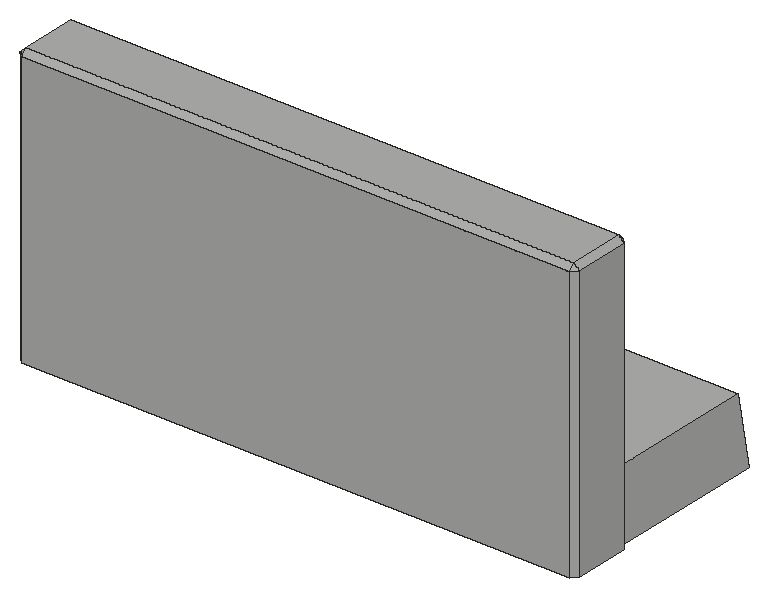
Revit family "NAGARE_STRAIGHT-100", category Site, Revit 2024
Family settings
  Round Connector Dimension = Use Diameter
  Part Type = Normal
  Work Plane-Based = Yes
  Always vertical = Yes
  Cut with Voids When Loaded = No
  Shared = Yes
Parameters (values of type "LP50/100")
  zichtbaar_voet_type2 = no
  zichtbaar_voet_type1 = yes
  zichtbaar_voet_extra = no
  voet_type2_hoogte = 600 mm
  voet_type2_base-breedte = 55 mm
  voet_type2_150 = no
  voet_hoogte = 120 mm
  oksel_maatvoering_hoogte = 20 mm
  oksel_maatvoering_breedte = 20 mm
  offset_voet = 20 mm
  offset_10 = 10 mm
  materiaal_model = NAGARE_FME_(9-).f2_BETON_SI_BERSnl
  voet_lengte = 400 mm
  model_hoogte = 500 mm
  beugelpositie_hoogte = 275 mm
  voet_diepte [instance] = 400 mm
  model_breedte = 1000 mm
  URL = "https://www.nagareconcrete.com/downloads"
  Type Comments = "LP50/100"
  Manufacturer = "www.nagareconcrete.com"
  Description = ""
  Default Elevation = 0 mm
Types (9, lengths in mm): name | zichtbaar_voet_type2 | zichtbaar_voet_type1 | voet_type2_hoogte | voet_type2_base-breedte | voet_type2_150 | voet_hoogte | oksel_maatvoering_hoogte | oksel_maatvoering_breedte | voet_lengte | model_hoogte | beugelpositie_hoogte | voet_diepte | Type Comments
  LP50/100 | no | yes | 600 | 55 | no | 120 | 20 | 20 | 400 | 500 | 275 | 400 | "LP50/100"
  LP100/100 | no | yes | 600 | 55 | no | 120 | 60 | 60 | 600 | 1000 | 500 | 400 | "LP100/100"
  LP125/100 | no | yes | 600 | 55 | no | 120 | 90 | 90 | 750 | 1250 | 625 | 400 | "LP125/100"
  LP150/100 | no | yes | 600 | 55 | no | 120 | 90 | 90 | 850 | 1500 | 750 | 400 | "LP150/100"
  LP175/100 | yes | no | 600 | 55 | no | 120 | 125 | 125 | 1100 | 1750 | 875 | 400 | "LP175/100"
  LP200/100 | no | yes | 600 | 55 | no | 120 | 125 | 125 | 1100 | 2000 | 1000 | 400 | "LP200/100"
  LP225/100 | yes | no | 600 | 30 | yes | 150 | 280 | 280 | 1350 | 2250 | 1125 | 600 | "LP225/100"
  LP250/100 | yes | no | 800 | 55 | yes | 150 | 310 | 280 | 1350 | 2500 | 1250 | 600 | "LP250/100"
  LP75/100 | no | yes | 600 | 55 | no | 120 | 20 | 20 | 500 | 750 | 375 | 400 | "LP75/100"
Reference planes
  plane 1 "Center (Front/Back)": y = 0
  plane 2: z = 0
  plane 3 "Center (Left/Right)": x = 0
  plane 4 "Top": z = 100
  plane 5 "foundation": z = -400
  plane 6 "Left": x = -500
  plane 7 "Right": x = 500
  plane 8 "left offset": x = -490
  plane 9 "right offset": x = 490
  plane 10 "lengte_voet": y = 400
  plane 11 "hoogte beugel": z = -125
  plane 12: y = 120
  plane 13 "voet150 extra onder": z = 0
  plane 14 "voet150 extra boven": z = 600
  plane 15 "voet_bovenkant": z = -280
  plane 16 "oksel_maatvoering_hoogte": z = -260
Forms (mm)
  Extrusion 1, solid, material "NAGARE_FME_(9-).f2_BETON_SI_BERSnl" <- "materiaal_model"
    sketch origin (0, 0, 0) x (0, -1, 0) y (1, 0, 0)
      loop
        line (0, -490) -> (0, 490) -> (-10, 500) -> (-110, 500) -> (-120, 490) -> (-120, -490) -> (-110, -500) -> (-10, -500) -> (0, -490)
    from -400 to 90
  Revolve 2, void
    sketch origin (0, 0, -125) x (-1, 0, 0) y (0, -1, 0)
      loop
        line (-40, -120) -> (-40, -130) -> (0, -130) -> (0, -110) -> (-12, -110) -> (-12, -102.013) -> (-8.041, -102.013) -> (-8.041, -86.013) -> (-12, -86.013) -> (-12, -81.842)
        arc (-12, -81.842) -> (-32.249, -96.336) -> (-40, -120) r 40
      axis (0, -130) -> (0, -81.842)
    angle from 0 to 360
  Blend 3, solid, material "NAGARE_FME_(9-).f2_BETON_SI_BERSnl" <- "materiaal_model"
    base sketch origin (0, 0, 100) x (1, 0, 0) y (0, 1, 0)
      loop
        line (-490, 0) -> (490, 0) -> (500, 10) -> (500, 110) -> (490, 120) -> (-490, 120) -> (-500, 110) -> (-500, 10) -> (-490, 0)
    top sketch origin (0, 0, 100) x (1, 0, 0) y (0, 1, 0)
      loop
        line (-490, 10) -> (490, 10) -> (490, 110) -> (-490, 110) -> (-490, 10)
    from -10 to 0
  Blend 4, solid, material "NAGARE_FME_(9-).f2_BETON_SI_BERSnl" <- "materiaal_model", visible <- "voet_type2_150"
    base sketch origin (0, 0, 0) x (0, 1, 0) y (-1, 0, 0)
      loop
        line (120, 449.688) -> (120, -449.687) -> (150, -449.687) -> (150, 449.688) -> (120, 449.688)
    top sketch origin (0, 0, 600) x (0, 1, 0) y (-1, 0, 0)
      loop
        line (120, -430) -> (120, 430) -> (117.961, 430) -> (117.961, -430) -> (120, -430)
    from 0 to 0
  Blend 5, solid, material "NAGARE_FME_(9-).f2_BETON_SI_BERSnl" <- "materiaal_model", visible <- "voet_type2_150"
    base sketch origin (0, 0, 0) x (0, 1, 0) y (-1, 0, 0)
      loop
        line (120, 449.688) -> (120, -449.687) -> (175, -449.687) -> (175, 449.688) -> (120, 449.688)
    top sketch origin (0, 0, 600) x (0, 1, 0) y (-1, 0, 0)
      loop
        line (120, -410) -> (120, 410) -> (117.961, 410) -> (117.961, -410) -> (120, -410)
    from 0 to 0
  Blend 6, solid, material "NAGARE_FME_(9-).f2_BETON_SI_BERSnl" <- "materiaal_model", visible <- "zichtbaar_voet_type2"
    base sketch origin (0, 0, -400) x (0, 1, 0) y (-1, 0, 0)
      loop
        line (120, 490) -> (120, -490) -> (280, -490) -> (400, -370) -> (400, 370) -> (280, 490) -> (120, 490)
    top sketch origin (0, 0, -280) x (0, -1, 0) y (1, 0, 0)
      loop
        line (-380, -361.716) -> (-271.716, -470) -> (-120, -470) -> (-120, 470) -> (-271.716, 470) -> (-380, 361.716) -> (-380, -361.716)
    from 0 to 0
  Blend 7, solid, material "NAGARE_FME_(9-).f2_BETON_SI_BERSnl" <- "materiaal_model", visible <- "zichtbaar_voet_type1"
    base sketch origin (0, 0, -400) x (0, 1, 0) y (-1, 0, 0)
      loop
        line (120, 490) -> (120, -490) -> (400, -490) -> (400, 490) -> (120, 490)
    top sketch origin (0, 0, -280) x (0, -1, 0) y (1, 0, 0)
      loop
        line (-390, -480) -> (-120, -480) -> (-120, 480) -> (-390, 480) -> (-390, -480)
    from 0 to 0
  Blend 8, solid, material "NAGARE_FME_(9-).f2_BETON_SI_BERSnl" <- "materiaal_model"
    base sketch origin (0, 0, -280) x (0, -1, 0) y (1, 0, 0)
      loop
        line (-120, -470) -> (-120, 470) -> (-140, 470) -> (-140, -470) -> (-120, -470)
    top sketch origin (0, 0, -260) x (0, 1, 0) y (-1, 0, 0)
      loop
        line (120, 460) -> (118, 460) -> (118, -460) -> (120, -460) -> (120, 460)
    from 0 to 0
  Extrusion 9, solid, material "NAGARE_FME_(9-).f2_BETON_SI_BERSnl" <- "materiaal_model", visible <- "zichtbaar_voet_extra"
    sketch origin (0, 0, -400) x (0, 1, 0) y (-1, 0, 0)
      loop
        line (120, 490) -> (120, -490) -> (175, -490) -> (175, 490) -> (120, 490)
    from 0 to 400
Cuts and joins
  Revolve 2 cuts Extrusion 1
Lines and regions (mm)
  symbolic lines, style "hulplijnen_footprint"
    curve 1: line (-500, 400, 600) -> (500, 400, 600)
    curve 2: line (-500, 0, 600) -> (-500, 400, 600)
    curve 3: line (500, 0, 600) -> (-500, 0, 600)
    curve 4: line (500, 400, 600) -> (500, 0, 600)
Dimensions and locks
  plane 2 to plane 4 "Top" = 100 mm
  "voet_diepte": level to plane 5 "foundation"
  "model_hoogte": plane 4 "Top" to plane 5 "foundation"
  equal spacing: plane 6 "Left", plane 3 "Center (Left/Right)", plane 7 "Right"
  "model_breedte": plane 6 "Left" to plane 7 "Right"
  plane 6 "Left" to plane 8 "left offset" = 10 mm
  plane 9 "right offset" to plane 7 "Right" = 10 mm
  "voet_lengte": plane 10 "lengte_voet" to plane 1 "Center (Front/Back)"
  plane 11 "hoogte beugel" to plane 5 "foundation" = 275 mm
  "beugelpositie_hoogte": plane 5 "foundation" to plane 11 "hoogte beugel"
  plane 12 to plane 1 "Center (Front/Back)" = 120 mm
  Extrusion 1 sketch curve to plane 7 "Right" = 10 mm  (x2)
  plane 12 to Extrusion 1 sketch curve = 10 mm  (x2)
  plane 6 "Left" to Extrusion 1 sketch curve = 10 mm  (x2)
  plane 1 "Center (Front/Back)" to Extrusion 1 sketch curve = 10 mm  (x2)
  "offset_10": Blend 3 to plane 4 "Top"
  locked: plane 13 "voet150 extra onder" to plane 5 "foundation" at 400
  plane 1 "Center (Front/Back)" to nested 1 = 300 mm
  "voet_type2_hoogte": plane 14 "voet150 extra boven" to plane 13 "voet150 extra onder"
  "voet_type2_base-breedte": Blend 5 sketch curve to cut or joined group of Extrusion 1, Revolve 2
  "offset_voet": var sketch to Blend 6 sketch curve  (x2)
  "voet_hoogte": plane 15 "voet_bovenkant" to plane 5 "foundation"
  "oksel_maatvoering_hoogte": plane 16 "oksel_maatvoering_hoogte" to plane 15 "voet_bovenkant"
  "oksel_maatvoering_breedte": Blend 8 sketch curve to plane 12
  aligned and locked: level to plane 2
  aligned and locked: Extrusion 1 sketch curve to plane 6 "Left"
  aligned and locked: plane 7 "Right" to Extrusion 1 sketch curve
  aligned and locked: cut or joined group of Extrusion 1, Revolve 2 to plane 5 "foundation"
  aligned and locked: Revolve 2 sketch curve to plane 3 "Center (Left/Right)"
  aligned and locked: Revolve 2 sketch curve to plane 11 "hoogte beugel"
  aligned and locked: cut or joined group of Extrusion 1, Revolve 2 to plane 12
  aligned and locked: plane 12 to Revolve 2 sketch curve
  aligned and locked: plane 4 "Top" to Blend 3
  aligned and locked: cut or joined group of Extrusion 1, Revolve 2 to Blend 3
  aligned and locked: Blend 3 to cut or joined group of Extrusion 1, Revolve 2
  aligned and locked: plane 7 "Right" to curve 4
  aligned and locked: curve 3 to plane 1 "Center (Front/Back)"
  aligned and locked: curve 2 to plane 6 "Left"
  aligned and locked: curve 1 to plane 10 "lengte_voet"
  aligned and locked: plane 3 "Center (Left/Right)" to nested 1
Automatic sketch dimensions
  Revolve 2 sketch curve to plane 1 "Center (Front/Back)" = 120 mm
  Revolve 2 sketch curve to Revolve 2 sketch curve = 40 mm
  Extrusion 1 sketch curve to plane 12 = 0 mm
  plane 1 "Center (Front/Back)" to Extrusion 1 sketch curve = 0 mm
  plane 1 "Center (Front/Back)" to Blend 3 sketch curve = 0 mm
  Blend 3 sketch curve to plane 8 "left offset" = 0 mm  (x3)
  Blend 3 sketch curve to plane 9 "right offset" = 0 mm  (x3)
  Blend 3 sketch curve to plane 1 "Center (Front/Back)" = 10 mm  (x3)
  Blend 3 sketch curve to Blend 3 sketch curve = 10 mm  (x2)
  Blend 3 sketch curve to plane 7 "Right" = 0 mm
  Blend 3 sketch curve to plane 12 = 0 mm
  Blend 3 sketch curve to plane 6 "Left" = 0 mm
  Blend 3 sketch curve to plane 12 = 10 mm
  Blend 4 sketch curve to plane 12 = 0 mm  (x2)
  Blend 4 sketch curve to Blend 4 sketch curve = 30 mm
  plane 9 "right offset" to Blend 4 sketch curve = 40.313 mm
  Blend 4 sketch curve to plane 8 "left offset" = 40.312 mm
  Blend 4 sketch curve to plane 12 = 2.039 mm
  plane 9 "right offset" to Blend 4 sketch curve = 60 mm
  Blend 4 sketch curve to plane 8 "left offset" = 60 mm
  Blend 5 sketch curve to plane 12 = 0 mm
  Blend 5 sketch curve to plane 12 = 2.039 mm
  plane 9 "right offset" to Blend 5 sketch curve = 80 mm
  Blend 5 sketch curve to plane 8 "left offset" = 80 mm
  Blend 7 sketch curve to plane 12 = 0 mm
  Blend 7 sketch curve to plane 10 "lengte_voet" = 10 mm
  Blend 7 sketch curve to plane 8 "left offset" = 10 mm
  plane 9 "right offset" to Blend 7 sketch curve = 10 mm
  Extrusion 9 sketch curve to plane 9 "right offset" = 0 mm
  plane 12 to Extrusion 9 sketch curve = 0 mm
  Extrusion 9 sketch curve to plane 8 "left offset" = 0 mm
  plane 12 to Extrusion 9 sketch curve = 55 mm
  Blend 7 sketch curve to plane 9 "right offset" = 0 mm
  plane 12 to Blend 7 sketch curve = 0 mm
  Blend 7 sketch curve to plane 8 "left offset" = 0 mm
  Blend 7 sketch curve to plane 10 "lengte_voet" = 0 mm
  Blend 6 sketch curve to plane 8 "left offset" = 0 mm
  Blend 6 sketch curve to plane 12 = 0 mm  (x2)
  Blend 6 sketch curve to plane 9 "right offset" = 0 mm
  Blend 6 sketch curve to plane 10 "lengte_voet" = 0 mm
  Blend 6 sketch curve to plane 10 "lengte_voet" = 120 mm  (x2)
  plane 9 "right offset" to Blend 6 sketch curve = 120 mm
  Blend 6 sketch curve to plane 8 "left offset" = 120 mm
  Blend 8 sketch curve to plane 12 = 0 mm  (x2)
  Blend 8 sketch curve to plane 12 = 2 mm
  plane 9 "right offset" to Blend 8 sketch curve = 30 mm
  Blend 8 sketch curve to plane 8 "left offset" = 30 mm
  plane 12 to Blend 5 sketch curve = 0 mm
  plane 9 "right offset" to Blend 5 sketch curve = 40.313 mm
  Blend 5 sketch curve to plane 8 "left offset" = 40.312 mm
  plane 9 "right offset" to Blend 6 sketch curve = 20 mm
  Blend 6 sketch curve to plane 8 "left offset" = 20 mm
  Blend 6 sketch curve to plane 10 "lengte_voet" = 20 mm
  Blend 8 sketch curve to plane 8 "left offset" = 20 mm
  plane 9 "right offset" to Blend 8 sketch curve = 20 mm
Nested families
  nested 1: "aVID_(00)_GA_Tekst NAGARE_gen_BERSnl" at (0, 300, 0), aVID_GEN-ANN_NAGARE_type <- "Type Comments", type "Type 1"
    with aVID_GEN-ANN_NAGARE_type "LP50/100"
Definition of nested family "aVID_(00)_GA_Tekst NAGARE_gen_BERSnl"
  Parameters (values of type "Type 1")
    aVID_GEN-ANN_NAGARE_type [instance] = ""
  Reference planes
    plane 1: y = 0
    plane 2: x = 0
  Text (mm)
    label "nagare" at (-0.041, 0.116, 0), shows "aVID_GEN-ANN_NAGARE_type"
